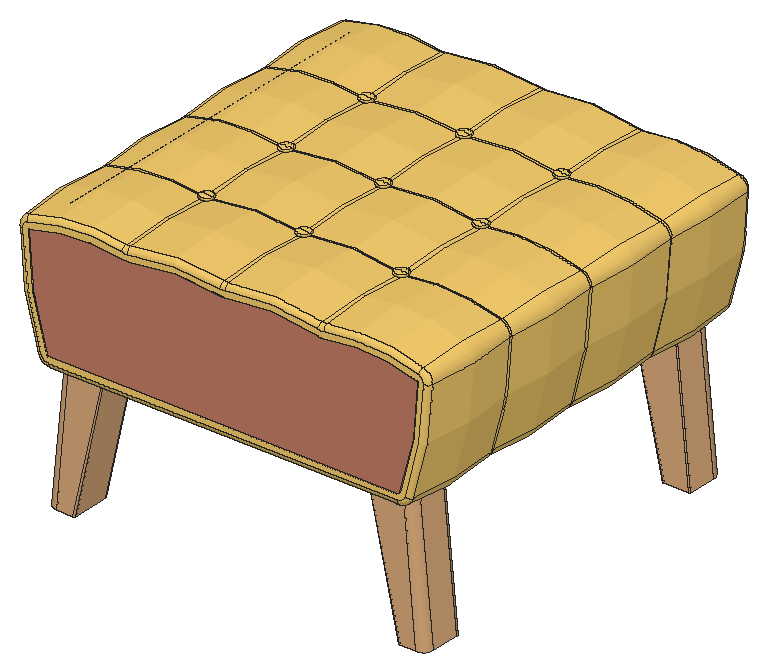
Revit family "Chair-GR7-Multi_Purpose-Allermuir-Grainger", category Furniture, Revit 2012
Parameters (values of type "GR 7")
  ecoScorecard_data = ""
  ecoScorecard Product Page = ""
  White Plastic Back Membrane = no
  Weight = 0.0 lbf
  URL = ""
  Swaged Tubular Steel Legs = ""
  Subcategory = "Soft Seating"
  Stacks = no
  Specifications URL = ""
  Seat = Fabric - Allermuir - Yellow
  Product Page URL = "http://www.allermuir.net/Products.aspx?RangeId=508"
  Product Line = "Grainger"
  Pricing URL = ""
  Plugin Data URL = ""
  Overall Width = 24 83/128"  # constant formula
  Overall Height = 16 9/16"  # constant formula
  Overall Depth = 23 25/32"  # constant formula
  Optional Feature Notes = ""
  Model = "GR 7"  # constant formula
  Manufacturer Toll Free Phone = "(888) 887 5806"  # constant formula
  Manufacturer Phone = "(419) 887 5806"  # constant formula
  Manufacturer Fax = "(419) 887 5805"  # constant formula
  Manufacturer Email = "mailto:contact@allermuir-na.com"
  Manufacturer Address = "1630 Holland Road, Maumee, Ohio 43537 "  # constant formula
  Manufacturer = "Allermuir"  # constant formula
  LEED Stats URL = ""
  Inner Seat = Fabric - Allermuir - Brown
  Fabric Spec Sheets = ""
  Description = "Small Ottoman"  # constant formula
  Color Availability = ""
  CAD Blocks URL = ""
  Brochure URL = ""
  Base or Frame [instance] = ""
  Base Type = ""
  Base = Wood - Allermuir -  Teak
  Assembly Code = "E2020200"
  95 CSI = "12510"  # constant formula
  04 CSI = "12 51 00"  # constant formula
Reference planes (in)
  plane 1 "Center Front/Back": y = 0
  plane 2: z = 0
  plane 3 "Center Left/Right": x = 0
  plane 4: z = 16.5625
  plane 5 "Left": x = -12.32422
  plane 6 "Right": x = 12.32422
  plane 7: y = 11.89063
  plane 8: y = -11.89063
Dimensions and locks (in)
  "Overall Height": plane 4 to level
  equal spacing: plane 5 "Left", plane 3 "Center Left/Right", plane 6 "Right"
  equal spacing: plane 7, plane 1 "Center Front/Back", plane 8
  "Overall Width": plane 5 "Left" to plane 6 "Right"
  "Overall Depth": plane 7 to plane 8
  aligned and locked: plane 1 "Center Front/Back" to nested 1
  aligned and locked: plane 3 "Center Left/Right" to nested 1
Nested families (in)
  nested 1: "GR7" at (0.04297, 0, 0), type "GR7"
Definition of nested family "GR7"
  Parameters (values of type "GR7")
    Width = 24 83/128"
    Seat = Fabric - Allermuir - Yellow
    Legs = Wood - Allermuir -  Teak
    Ineer Seat = Fabric - Allermuir - Brown
    Height = 16 9/16"
    Depth = 23 25/32"
  Reference planes (in)
    plane 1 "Center (Front/Back)": y = 0
    plane 2: z = 0
    plane 3 "Center (Left/Right)": x = 0
    plane 4: x = -12.32422
    plane 5: y = 11.89063
    plane 6: x = 12.32422
    plane 7: y = -11.89062
    plane 8: z = 16.5625
  Forms (in)
    Sweep 1, solid, material "Fabric - Allermuir - Yellow" <- "Seat"
      path origin (0, 0, 0) x (1, 0, 0) y (0, 0, 1)
        loop
          arc (-11.2152, 8.49523) -> (-10.85334, 8.01058) -> (-10.27827, 7.82319) r 1
          arc (-10.27827, 7.82319) -> (0.00064, 7.78395) -> (10.27954, 7.82605) r 1298.87312
          arc (10.27954, 7.82605) -> (10.85452, 8.01356) -> (11.21624, 8.49824) r 1
          arc (11.21624, 8.49824) -> (12.02924, 11.67623) -> (12.30261, 14.94516) r 19.66382
          arc (12.30261, 14.94516) -> (12.12712, 15.4798) -> (11.66896, 15.8065) r 0.90234
          arc (11.66896, 15.8065) -> (8.80557, 16.32947) -> (5.90055, 16.14688) r 11.98725
          arc (5.90055, 16.14688) -> (5.79824, 16.1385) -> (5.69637, 16.1512) r 0.5
          arc (5.69637, 16.1512) -> (2.8967, 16.50068) -> (0.0846, 16.27191) r 13.76308
          arc (0.0846, 16.27191) -> (-0.00593, 16.26348) -> (-0.09649, 16.27159) r 0.5
          arc (-0.09649, 16.27159) -> (-2.90794, 16.4979) -> (-5.70831, 16.16105) r 14.12389
          arc (-5.70831, 16.16105) -> (-5.80769, 16.14912) -> (-5.90746, 16.15723) r 0.5
          arc (-5.90746, 16.15723) -> (-8.81004, 16.33191) -> (-11.66968, 15.80468) r 12.02375
          arc (-11.66968, 15.80468) -> (-12.12738, 15.47767) -> (-12.30261, 14.94315) r 0.90277
          arc (-12.30261, 14.94315) -> (-12.02881, 11.67367) -> (-11.2152, 8.49523) r 19.66382
      profile origin (-12.02881, 0, 11.67367) x (-0.986076, 0, -0.166297) y (0, -1, 0)
        loop
          arc (-0.16149, -11.62102) -> (0.03883, -8.81358) -> (-0.13479, -6.00437) r 21.18421
          arc (-0.13479, -6.00437) -> (-0.13889, -5.94184) -> (-0.13514, -5.8793) r 0.5
          arc (-0.13514, -5.8793) -> (0.04453, -2.97596) -> (-0.12918, -0.07226) r 23.94484
          arc (-0.12918, -0.07226) -> (-0.13281, -0.01186) -> (-0.12911, 0.04853) r 0.5
          arc (-0.12911, 0.04853) -> (0.04329, 2.9353) -> (-0.14257, 5.82123) r 23.34349
          arc (-0.14257, 5.82123) -> (-0.14654, 5.88701) -> (-0.14183, 5.95275) r 0.5
          arc (-0.14183, 5.95275) -> (0.04903, 8.78869) -> (-0.15944, 11.6234) r 20.23197
          arc (-0.15944, 11.6234) -> (-0.26398, 11.81454) -> (-0.46812, 11.89062) r 0.3119
          line (-0.46812, 11.89062) -> (-0.81593, 11.89062) -> (-0.81593, -11.89063) -> (-0.47103, -11.89063)
          arc (-0.47103, -11.89063) -> (-0.26579, -11.81378) -> (-0.16149, -11.62102) r 0.3125
    Extrusion 2, solid, material "Fabric - Allermuir - Brown" <- "Ineer Seat"
      sketch origin (0, 0, 0) x (1, 0, 0) y (0, 0, 1)
        loop
          arc (-10.44439, 8.7628) -> (-10.37778, 8.67359) -> (-10.27193, 8.6391) r 0.18407
          arc (-10.27193, 8.6391) -> (0.00053, 8.59988) -> (10.27297, 8.64196) r 1298.05719
          arc (10.27297, 8.64196) -> (10.37881, 8.67647) -> (10.44539, 8.76568) r 0.18407
          arc (10.44539, 8.76568) -> (11.22465, 11.81181) -> (11.48668, 14.9451) r 18.84789
          arc (11.48668, 14.9451) -> (11.46987, 14.9963) -> (11.426, 15.02758) r 0.08641
          arc (11.426, 15.02758) -> (8.75751, 15.51496) -> (6.05022, 15.34479) r 11.17132
          arc (6.05022, 15.34479) -> (5.78095, 15.32275) -> (5.51285, 15.35618) r 1.31593
          arc (5.51285, 15.35618) -> (2.87916, 15.68493) -> (0.23377, 15.46973) r 12.94715
          arc (0.23377, 15.46973) -> (-0.00449, 15.44755) -> (-0.24284, 15.46889) r 1.31593
          arc (-0.24284, 15.46889) -> (-2.89188, 15.68212) -> (-5.53046, 15.36474) r 13.30795
          arc (-5.53046, 15.36474) -> (-5.79203, 15.33334) -> (-6.0546, 15.35467) r 1.31593
          arc (-6.0546, 15.35467) -> (-8.76021, 15.5175) -> (-11.4258, 15.02604) r 11.20782
          arc (-11.4258, 15.02604) -> (-11.46982, 14.99459) -> (-11.48668, 14.94318) r 0.08684
          arc (-11.48668, 14.94318) -> (-11.22423, 11.80936) -> (-10.44439, 8.7628) r 18.84789
      from -11.89062 to 11.89062
    Blend 3, solid, material "Wood - Allermuir -  Teak" <- "Legs"
      base sketch origin (0, 0, 0) x (1, 0, 0) y (0, 1, 0)
        loop
          arc (-11.20107, -10.33382) -> (-11.03014, -10.74647) -> (-10.61749, -10.91739) r 0.58357
          line (-10.61749, -10.91739) -> (-9.64177, -10.91739)
          arc (-9.64177, -10.91739) -> (-9.58495, -10.89386) -> (-9.56142, -10.83704) r 0.08035
          line (-9.56142, -10.83704) -> (-9.56142, -8.63538)
          arc (-9.56142, -8.63538) -> (-9.58421, -8.58036) -> (-9.63922, -8.55757) r 0.0778
          line (-9.63922, -8.55757) -> (-11.12274, -8.55757)
          arc (-11.12274, -8.55757) -> (-11.17812, -8.58052) -> (-11.20107, -8.6359) r 0.07833
          line (-11.20107, -8.6359) -> (-11.20107, -10.33382)
      top sketch origin (0, 0, 0) x (1, 0, 0) y (0, 1, 0)
        loop
          line (-7.82454, -10.83872) -> (-7.82454, -8.6344)
          arc (-7.82454, -8.6344) -> (-7.84705, -8.58008) -> (-7.90137, -8.55757) r 0.07682
          line (-7.90137, -8.55757) -> (-10.3639, -8.55757)
          arc (-10.3639, -8.55757) -> (-10.41922, -8.58049) -> (-10.44213, -8.63581) r 0.07824
          line (-10.44213, -8.63581) -> (-10.44213, -10.34382)
          arc (-10.44213, -10.34382) -> (-10.27414, -10.7494) -> (-9.86856, -10.91739) r 0.57358
          line (-9.86856, -10.91739) -> (-7.90321, -10.91739)
          arc (-7.90321, -10.91739) -> (-7.84759, -10.89435) -> (-7.82454, -10.83872) r 0.07867
      from 0 to 7.76426
    Blend 4, solid, material "Wood - Allermuir -  Teak" <- "Legs"
      base sketch origin (0, 0, 0) x (-1, 0, 0) y (0, -1, 0)
        loop
          line (-11.20107, 10.33382) -> (-11.20107, 8.6359)
          arc (-11.20107, 8.6359) -> (-11.17812, 8.58052) -> (-11.12274, 8.55757) r 0.07833
          line (-11.12274, 8.55757) -> (-9.63922, 8.55757)
          arc (-9.63922, 8.55757) -> (-9.58421, 8.58036) -> (-9.56142, 8.63538) r 0.0778
          line (-9.56142, 8.63538) -> (-9.56142, 10.83704)
          arc (-9.56142, 10.83704) -> (-9.58495, 10.89386) -> (-9.64177, 10.91739) r 0.08035
          line (-9.64177, 10.91739) -> (-10.61749, 10.91739)
          arc (-10.61749, 10.91739) -> (-11.03014, 10.74647) -> (-11.20107, 10.33382) r 0.58357
      top sketch origin (0, 0, 0) x (-1, 0, 0) y (0, -1, 0)
        loop
          arc (-7.82454, 10.83872) -> (-7.84759, 10.89435) -> (-7.90321, 10.91739) r 0.07867
          line (-7.90321, 10.91739) -> (-9.86856, 10.91739)
          arc (-9.86856, 10.91739) -> (-10.27414, 10.7494) -> (-10.44213, 10.34382) r 0.57358
          line (-10.44213, 10.34382) -> (-10.44213, 8.63581)
          arc (-10.44213, 8.63581) -> (-10.41922, 8.58049) -> (-10.3639, 8.55757) r 0.07824
          line (-10.3639, 8.55757) -> (-7.90137, 8.55757)
          arc (-7.90137, 8.55757) -> (-7.84705, 8.58008) -> (-7.82454, 8.6344) r 0.07682
          line (-7.82454, 8.6344) -> (-7.82454, 10.83872)
      from 0 to 7.76426
    Blend 5, solid, material "Wood - Allermuir -  Teak" <- "Legs"
      base sketch origin (0, 0, 0) x (1, 0, 0) y (0, 1, 0)
        loop
          line (-11.20107, 10.33382) -> (-11.20107, 8.6359)
          arc (-11.20107, 8.6359) -> (-11.17812, 8.58052) -> (-11.12274, 8.55757) r 0.07833
          line (-11.12274, 8.55757) -> (-9.63922, 8.55757)
          arc (-9.63922, 8.55757) -> (-9.58421, 8.58036) -> (-9.56142, 8.63538) r 0.0778
          line (-9.56142, 8.63538) -> (-9.56142, 10.83704)
          arc (-9.56142, 10.83704) -> (-9.58495, 10.89386) -> (-9.64177, 10.91739) r 0.08035
          line (-9.64177, 10.91739) -> (-10.61749, 10.91739)
          arc (-10.61749, 10.91739) -> (-11.03014, 10.74647) -> (-11.20107, 10.33382) r 0.58357
      top sketch origin (0, 0, 0) x (1, 0, 0) y (0, 1, 0)
        loop
          arc (-7.82454, 10.83872) -> (-7.84759, 10.89435) -> (-7.90321, 10.91739) r 0.07867
          line (-7.90321, 10.91739) -> (-9.86856, 10.91739)
          arc (-9.86856, 10.91739) -> (-10.27414, 10.7494) -> (-10.44213, 10.34382) r 0.57358
          line (-10.44213, 10.34382) -> (-10.44213, 8.63581)
          arc (-10.44213, 8.63581) -> (-10.41922, 8.58049) -> (-10.3639, 8.55757) r 0.07824
          line (-10.3639, 8.55757) -> (-7.90137, 8.55757)
          arc (-7.90137, 8.55757) -> (-7.84705, 8.58008) -> (-7.82454, 8.6344) r 0.07682
          line (-7.82454, 8.6344) -> (-7.82454, 10.83872)
      from 0 to 7.76426
    Blend 6, solid, material "Wood - Allermuir -  Teak" <- "Legs"
      base sketch origin (0, 0, 0) x (-1, 0, 0) y (0, -1, 0)
        loop
          arc (-11.20107, -10.33382) -> (-11.03014, -10.74647) -> (-10.61749, -10.91739) r 0.58357
          line (-10.61749, -10.91739) -> (-9.64177, -10.91739)
          arc (-9.64177, -10.91739) -> (-9.58495, -10.89386) -> (-9.56142, -10.83704) r 0.08035
          line (-9.56142, -10.83704) -> (-9.56142, -8.63538)
          arc (-9.56142, -8.63538) -> (-9.58421, -8.58036) -> (-9.63922, -8.55757) r 0.0778
          line (-9.63922, -8.55757) -> (-11.12274, -8.55757)
          arc (-11.12274, -8.55757) -> (-11.17812, -8.58052) -> (-11.20107, -8.6359) r 0.07833
          line (-11.20107, -8.6359) -> (-11.20107, -10.33382)
      top sketch origin (0, 0, 0) x (-1, 0, 0) y (0, -1, 0)
        loop
          line (-7.82454, -10.83872) -> (-7.82454, -8.6344)
          arc (-7.82454, -8.6344) -> (-7.84705, -8.58008) -> (-7.90137, -8.55757) r 0.07682
          line (-7.90137, -8.55757) -> (-10.3639, -8.55757)
          arc (-10.3639, -8.55757) -> (-10.41922, -8.58049) -> (-10.44213, -8.63581) r 0.07824
          line (-10.44213, -8.63581) -> (-10.44213, -10.34382)
          arc (-10.44213, -10.34382) -> (-10.27414, -10.7494) -> (-9.86856, -10.91739) r 0.57358
          line (-9.86856, -10.91739) -> (-7.90321, -10.91739)
          arc (-7.90321, -10.91739) -> (-7.84759, -10.89435) -> (-7.82454, -10.83872) r 0.07867
      from 0 to 7.76426
    Revolve 7, solid, material "Fabric - Allermuir - Yellow" <- "Seat"
      sketch origin (0, 0, 0.50372) x (1, 0, 0) y (0, 0, 1)
        loop
          arc (-5.78975, 15.68563) -> (-5.9739, 15.67746) -> (-6.15606, 15.6493) r 1.69175
          arc (-6.15606, 15.6493) -> (-6.19237, 15.60427) -> (-6.15554, 15.55966) r 0.04575
          arc (-6.15554, 15.55966) -> (-6.05823, 15.54299) -> (-5.96016, 15.53154) r 1.84878
          arc (-5.96016, 15.53154) -> (-5.91609, 15.51498) -> (-5.88679, 15.47811) r 0.08828
          line (-5.88679, 15.47811) -> (-5.78975, 15.24949) -> (-5.78975, 15.68563)
        axis (-5.78975, 15.68563) -> (-5.78975, 15.24949)
      angle from 0 to 360
    Revolve 8, solid, material "Fabric - Allermuir - Yellow" <- "Seat"
      sketch origin (0, 5.94839, 0.50372) x (1, 0, 0) y (0, 0, 1)
        loop
          arc (-5.78975, 15.68563) -> (-5.9739, 15.67746) -> (-6.15606, 15.6493) r 1.69175
          arc (-6.15606, 15.6493) -> (-6.19237, 15.60427) -> (-6.15554, 15.55966) r 0.04575
          arc (-6.15554, 15.55966) -> (-6.05823, 15.54299) -> (-5.96016, 15.53154) r 1.84878
          arc (-5.96016, 15.53154) -> (-5.91609, 15.51498) -> (-5.88679, 15.47811) r 0.08828
          line (-5.88679, 15.47811) -> (-5.78975, 15.24949) -> (-5.78975, 15.68563)
        axis (-5.78975, 15.68563) -> (-5.78975, 15.24949)
      angle from 0 to 360
    Revolve 9, solid, material "Fabric - Allermuir - Yellow" <- "Seat"
      sketch origin (5.74967, 5.9562, 0.6209) x (1, 0, 0) y (0, 0, 1)
        loop
          arc (-5.78975, 15.68563) -> (-5.9739, 15.67746) -> (-6.15606, 15.6493) r 1.69175
          arc (-6.15606, 15.6493) -> (-6.19237, 15.60427) -> (-6.15554, 15.55966) r 0.04575
          arc (-6.15554, 15.55966) -> (-6.05823, 15.54299) -> (-5.96016, 15.53154) r 1.84878
          arc (-5.96016, 15.53154) -> (-5.91609, 15.51498) -> (-5.88679, 15.47811) r 0.08828
          line (-5.88679, 15.47811) -> (-5.78975, 15.24949) -> (-5.78975, 15.68563)
        axis (-5.78975, 15.68563) -> (-5.78975, 15.24949)
      angle from 0 to 360
    Revolve 10, solid, material "Fabric - Allermuir - Yellow" <- "Seat"
      sketch origin (11.49933, 5.9562, 0.50372) x (1, 0, 0) y (0, 0, 1)
        loop
          arc (-5.78975, 15.68563) -> (-5.9739, 15.67746) -> (-6.15606, 15.6493) r 1.69175
          arc (-6.15606, 15.6493) -> (-6.19237, 15.60427) -> (-6.15554, 15.55966) r 0.04575
          arc (-6.15554, 15.55966) -> (-6.05823, 15.54299) -> (-5.96016, 15.53154) r 1.84878
          arc (-5.96016, 15.53154) -> (-5.91609, 15.51498) -> (-5.88679, 15.47811) r 0.08828
          line (-5.88679, 15.47811) -> (-5.78975, 15.24949) -> (-5.78975, 15.68563)
        axis (-5.78975, 15.68563) -> (-5.78975, 15.24949)
      angle from 0 to 360
    Revolve 11, solid, material "Fabric - Allermuir - Yellow" <- "Seat"
      sketch origin (5.74702, -0.00803, 0.6209) x (1, 0, 0) y (0, 0, 1)
        loop
          arc (-5.78975, 15.68563) -> (-5.9739, 15.67746) -> (-6.15606, 15.6493) r 1.69175
          arc (-6.15606, 15.6493) -> (-6.19237, 15.60427) -> (-6.15554, 15.55966) r 0.04575
          arc (-6.15554, 15.55966) -> (-6.05823, 15.54299) -> (-5.96016, 15.53154) r 1.84878
          arc (-5.96016, 15.53154) -> (-5.91609, 15.51498) -> (-5.88679, 15.47811) r 0.08828
          line (-5.88679, 15.47811) -> (-5.78975, 15.24949) -> (-5.78975, 15.68563)
        axis (-5.78975, 15.68563) -> (-5.78975, 15.24949)
      angle from 0 to 360
    Revolve 12, solid, material "Fabric - Allermuir - Yellow" <- "Seat"
      sketch origin (11.49808, -0.00803, 0.50372) x (1, 0, 0) y (0, 0, 1)
        loop
          arc (-5.78975, 15.68563) -> (-5.9739, 15.67746) -> (-6.15606, 15.6493) r 1.69175
          arc (-6.15606, 15.6493) -> (-6.19237, 15.60427) -> (-6.15554, 15.55966) r 0.04575
          arc (-6.15554, 15.55966) -> (-6.05823, 15.54299) -> (-5.96016, 15.53154) r 1.84878
          arc (-5.96016, 15.53154) -> (-5.91609, 15.51498) -> (-5.88679, 15.47811) r 0.08828
          line (-5.88679, 15.47811) -> (-5.78975, 15.24949) -> (-5.78975, 15.68563)
        axis (-5.78975, 15.68563) -> (-5.78975, 15.24949)
      angle from 0 to 360
    Revolve 13, solid, material "Fabric - Allermuir - Yellow" <- "Seat"
      sketch origin (11.50198, -5.8822, 0.50372) x (1, 0, 0) y (0, 0, 1)
        loop
          arc (-5.78975, 15.68563) -> (-5.9739, 15.67746) -> (-6.15606, 15.6493) r 1.69175
          arc (-6.15606, 15.6493) -> (-6.19237, 15.60427) -> (-6.15554, 15.55966) r 0.04575
          arc (-6.15554, 15.55966) -> (-6.05823, 15.54299) -> (-5.96016, 15.53154) r 1.84878
          arc (-5.96016, 15.53154) -> (-5.91609, 15.51498) -> (-5.88679, 15.47811) r 0.08828
          line (-5.88679, 15.47811) -> (-5.78975, 15.24949) -> (-5.78975, 15.68563)
        axis (-5.78975, 15.68563) -> (-5.78975, 15.24949)
      angle from 0 to 360
    Revolve 14, solid, material "Fabric - Allermuir - Yellow" <- "Seat"
      sketch origin (5.74552, -5.8822, 0.6209) x (1, 0, 0) y (0, 0, 1)
        loop
          arc (-5.78975, 15.68563) -> (-5.9739, 15.67746) -> (-6.15606, 15.6493) r 1.69175
          arc (-6.15606, 15.6493) -> (-6.19237, 15.60427) -> (-6.15554, 15.55966) r 0.04575
          arc (-6.15554, 15.55966) -> (-6.05823, 15.54299) -> (-5.96016, 15.53154) r 1.84878
          arc (-5.96016, 15.53154) -> (-5.91609, 15.51498) -> (-5.88679, 15.47811) r 0.08828
          line (-5.88679, 15.47811) -> (-5.78975, 15.24949) -> (-5.78975, 15.68563)
        axis (-5.78975, 15.68563) -> (-5.78975, 15.24949)
      angle from 0 to 360
    Revolve 15, solid, material "Fabric - Allermuir - Yellow" <- "Seat"
      sketch origin (-0.00448, -5.87438, 0.50372) x (1, 0, 0) y (0, 0, 1)
        loop
          arc (-5.78975, 15.68563) -> (-5.9739, 15.67746) -> (-6.15606, 15.6493) r 1.69175
          arc (-6.15606, 15.6493) -> (-6.19237, 15.60427) -> (-6.15554, 15.55966) r 0.04575
          arc (-6.15554, 15.55966) -> (-6.05823, 15.54299) -> (-5.96016, 15.53154) r 1.84878
          arc (-5.96016, 15.53154) -> (-5.91609, 15.51498) -> (-5.88679, 15.47811) r 0.08828
          line (-5.88679, 15.47811) -> (-5.78975, 15.24949) -> (-5.78975, 15.68563)
        axis (-5.78975, 15.68563) -> (-5.78975, 15.24949)
      angle from 0 to 360
  Cuts and joins
    joined: Blend 3, Blend 4, Blend 5, Blend 6
  Lines and regions (in)
    symbolic lines, style "Table"
      curve 1: arc (-12.16486, 5.94438, 0) -> (-12.34181, 8.78029, 0) -> (-12.14456, 11.61486, 0) r 21.57615
      curve 2: arc (-12.16486, 5.94438, 0) -> (-12.34741, 2.97269, 0) -> (-12.17059, 0.00065, 0) r 24.66647
      curve 3: arc (-12.17059, 0.00065, 0) -> (-12.34469, -2.94019, 0) -> (-12.15647, -5.88016, 0) r 23.95285
      curve 4: arc (-12.15647, -5.88016, 0) -> (-12.34917, -8.74851, 0) -> (-12.14076, -11.61576, 0) r 20.60377
      curve 5: line (11.82369, -11.89062, 0) -> (-11.82369, -11.89062, 0)
      curve 6: line (11.82736, 11.89062, 0) -> (-11.82869, 11.89062, 0)
      curve 7: arc (-12.14456, 11.61486, 0) -> (-12.03834, 11.81198, 0) -> (-11.82869, 11.89062, 0) r 0.31879
      curve 8: arc (-11.82369, -11.89062, 0) -> (-12.0335, -11.81234, 0) -> (-12.14076, -11.61576, 0) r 0.32031
      curve 9: arc (12.16486, 5.94438, 0) -> (12.34181, 8.77961, 0) -> (12.14474, 11.61352, 0) r 21.57615
      curve 10: arc (12.16486, 5.94438, 0) -> (12.34741, 2.97269, 0) -> (12.17059, 0.00065, 0) r 24.66647
      curve 11: arc (12.17059, 0.00065, 0) -> (12.34469, -2.94019, 0) -> (12.15647, -5.88016, 0) r 23.95285
      curve 12: arc (12.15647, -5.88016, 0) -> (12.34917, -8.74851, 0) -> (12.14076, -11.61576, 0) r 20.60377
      curve 13: arc (12.14076, -11.61576, 0) -> (12.0335, -11.81234, 0) -> (11.82369, -11.89062, 0) r 0.32031
      curve 14: arc (11.82736, 11.89062, 0) -> (12.03802, 11.8116, 0) -> (12.14474, 11.61352, 0) r 0.32031
      curve 15: circle (-5.79011, 5.94723, 0) r 0.40272 normal (0, 0, 1)
      curve 16: circle (-0.04297, 5.95504, 0) r 0.40272 normal (0, 0, 1)
      curve 17: circle (5.70703, 5.95504, 0) r 0.40272 normal (0, 0, 1)
      curve 18: circle (-5.79011, -5.87692, 0) r 0.40272 normal (0, 0, -1)
      curve 19: circle (-0.04297, -5.88473, 0) r 0.40272 normal (0, 0, -1)
      curve 20: circle (5.70703, -5.88473, 0) r 0.40272 normal (0, 0, -1)
      curve 21: circle (-5.79011, 0, 0) r 0.40272 normal (0, 0, -1)
      curve 22: circle (-0.04297, -0.00781, 0) r 0.40272 normal (0, 0, -1)
      curve 23: circle (5.70703, -0.00781, 0) r 0.40272 normal (0, 0, -1)
      curve 24: line (-6.19283, -5.87692, 0) -> (-12.15688, -5.87692, 0)
      curve 25: line (-6.19283, 0, 0) -> (-12.17063, 0, 0)
      curve 26: line (-6.19283, 5.94723, 0) -> (-12.16523, 5.94723, 0)
      curve 27: line (-5.38739, 5.94723, 0) -> (-0.44561, 5.94723, 0)
      curve 28: line (0.35975, 5.95504, 0) -> (5.30431, 5.95504, 0)
      curve 29: line (-5.38739, 0, 0) -> (-0.44561, 0, 0)
      curve 30: line (0.35975, -0.00781, 0) -> (5.30431, -0.00781, 0)
      curve 31: line (-5.38739, -5.87692, 0) -> (-0.44561, -5.87692, 0)
      curve 32: line (0.35975, -5.88473, 0) -> (5.30431, -5.88473, 0)
      curve 33: line (-5.79011, 6.34995, 0) -> (-5.79011, 11.89062, 0)
      curve 34: line (-5.79011, 5.54451, 0) -> (-5.79011, 0.40272, 0)
      curve 35: line (-5.79011, -0.40272, 0) -> (-5.79011, -5.4742, 0)
      curve 36: line (-5.79011, -6.27964, 0) -> (-5.79011, -11.89062, 0)
      curve 37: line (-0.04297, 6.35776, 0) -> (-0.04297, 11.89062, 0)
      curve 38: line (-0.04297, 5.55232, 0) -> (-0.04297, 0.39491, 0)
      curve 39: line (-0.04297, -0.41053, 0) -> (-0.04297, -5.48201, 0)
      curve 40: line (-0.04297, -6.28745, 0) -> (-0.04297, -11.89062, 0)
      curve 41: line (5.70703, 6.35776, 0) -> (5.70703, 11.89062, 0)
      curve 42: line (5.70703, 5.55232, 0) -> (5.70703, 0.39491, 0)
      curve 43: line (5.70703, -0.41053, 0) -> (5.70703, -5.48201, 0)
      curve 44: line (5.70703, -6.28745, 0) -> (5.70703, -11.89062, 0)
      curve 45: line (6.10975, -5.88473, 0) -> (12.1571, -5.88473, 0)
      curve 46: line (6.10975, -0.00781, 0) -> (12.17161, -0.00781, 0)
      curve 47: line (6.10975, 5.95504, 0) -> (12.16623, 5.95504, 0)
  Dimensions and locks (in)
    equal spacing: plane 4, plane 3 "Center (Left/Right)", plane 6
    "Width": plane 4 to plane 6
    equal spacing: plane 5, plane 1 "Center (Front/Back)", plane 7
    "Depth": plane 5 to plane 7
    "Height": plane 8 to level
    aligned and locked: level to plane 2
    aligned and locked: Extrusion 2 sketch curve to Sweep 1  (x14)
    aligned and locked: plane 5 to Extrusion 2
    aligned and locked: plane 7 to Extrusion 2
    aligned and locked: Sweep 1 sketch curve to plane 5
    aligned and locked: plane 7 to Sweep 1 sketch curve
  Automatic sketch dimensions
    plane 4 to Sweep 1 sketch curve = 0.02161"
    Sweep 1 sketch curve to Sweep 1 sketch curve = 0"  (x20)
    plane 4 to Sweep 1 sketch curve = 0.65454"
    Sweep 1 sketch curve to Sweep 1 sketch curve = 0.26984"
    plane 4 to Sweep 1 sketch curve = 1.10902"
    Sweep 1 sketch curve to Sweep 1 sketch curve = 0.93693"
    Sweep 1 sketch curve to Sweep 1 sketch curve = 0.9447"
    plane 8 to Sweep 1 sketch curve = 0.08653"
    Sweep 1 sketch curve to Sweep 1 sketch curve = 0.09017"
    Sweep 1 sketch curve to Sweep 1 sketch curve = 0.19915"
    level to Sweep 1 sketch curve = 2.37675"
    Sweep 1 sketch curve to plane 3 "Center (Left/Right)" = 0.18001"
    Sweep 1 sketch curve to plane 3 "Center (Left/Right)" = 0.09649"
    Sweep 1 sketch curve to plane 3 "Center (Left/Right)" = 0.00681"
    Sweep 1 sketch curve to Sweep 1 sketch curve = 0.18109"
    plane 3 "Center (Left/Right)" to Sweep 1 sketch curve = 2.60074"
    Sweep 1 sketch curve to plane 8 = 0.4113"
    Sweep 1 sketch curve to Sweep 1 sketch curve = 5.61177"
    plane 8 to Sweep 1 sketch curve = 0.07589"
    Sweep 1 sketch curve to Sweep 1 sketch curve = 0.20418"
    Sweep 1 sketch curve to plane 8 = 1.61879"  (x2)
    Sweep 1 sketch curve to Sweep 1 sketch curve = 1.46066"
    plane 6 to Sweep 1 sketch curve = 4.22474"
    plane 6 to Sweep 1 sketch curve = 2.05273"
    Sweep 1 sketch curve to Sweep 1 sketch curve = 0.00805"
    Sweep 1 sketch curve to Sweep 1 sketch curve = 0.94475"
    plane 6 to Sweep 1 sketch curve = 0.92395"
    plane 6 to Sweep 1 sketch curve = 0.65526"
    Sweep 1 sketch curve to plane 1 "Center (Front/Back)" = 2.95137"
    profile plane to Sweep 1 sketch curve = 23.9003"
    plane 1 "Center (Front/Back)" to Sweep 1 sketch curve = 2.88089"
    Sweep 1 sketch curve to Sweep 1 sketch curve = 0.60017"
    Sweep 1 sketch curve to Sweep 1 sketch curve = 2.75517"
    Sweep 1 sketch curve to Sweep 1 sketch curve = 3.11728"
    profile plane to Sweep 1 sketch curve = 0.81593"
    Sweep 1 sketch curve to Sweep 1 sketch curve = 0.3449"
    Sweep 1 sketch curve to Sweep 1 sketch curve = 0.34782"
    profile plane to Sweep 1 sketch curve = 0.16149"
    profile plane to Sweep 1 sketch curve = 0.15944"
    profile plane to Sweep 1 sketch curve = 0.14257"
    Sweep 1 sketch curve to Sweep 1 sketch curve = 0.00074"
    profile plane to Sweep 1 sketch curve = 0.13514"
    Sweep 1 sketch curve to Sweep 1 sketch curve = 0.00035"
    Sweep 1 sketch curve to plane 1 "Center (Front/Back)" = 0.07226"
    profile plane to Sweep 1 sketch curve = 0.12918"
    plane 1 "Center (Front/Back)" to Sweep 1 sketch curve = 0.04853"
    Revolve 7 sketch curve to Revolve 7 sketch curve = 0"  (x5)
    Revolve 7 sketch curve to Revolve 7 sketch curve = 0.00944"
    Revolve 7 sketch curve to Revolve 7 sketch curve = 3/16"
    Revolve 7 sketch curve to Revolve 7 sketch curve = 0.00789"
    Revolve 7 sketch curve to Revolve 7 sketch curve = 0.08126"
    Revolve 7 sketch curve to Revolve 7 sketch curve = 0.09705"
    Revolve 7 sketch curve to plane 8 = 2.06482"
    Revolve 7 sketch curve to plane 8 = 0.8093"
    Revolve 7 sketch curve to Revolve 7 sketch curve = 0.19413"
    Revolve 7 sketch curve to Revolve 7 sketch curve = 0.0693"
    Revolve 8 sketch curve to Revolve 8 sketch curve = 0"  (x5)
    Revolve 8 sketch curve to Revolve 8 sketch curve = 0.00944"
    Revolve 8 sketch curve to Revolve 8 sketch curve = 3/16"
    Revolve 8 sketch curve to Revolve 8 sketch curve = 0.00789"
    Revolve 8 sketch curve to Revolve 8 sketch curve = 0.08126"
    Revolve 8 sketch curve to Revolve 8 sketch curve = 0.09705"
    Revolve 8 sketch curve to plane 8 = 2.06482"
    Revolve 8 sketch curve to plane 8 = 0.8093"
    Revolve 8 sketch curve to Revolve 8 sketch curve = 0.19413"
    Revolve 8 sketch curve to Revolve 8 sketch curve = 0.0693"
    Revolve 9 sketch curve to plane 3 "Center (Left/Right)" = 0.40639"
    Revolve 9 sketch curve to Revolve 9 sketch curve = 0"  (x5)
    Revolve 9 sketch curve to Revolve 9 sketch curve = 0.00052"
    Revolve 9 sketch curve to Revolve 9 sketch curve = 0.00944"
    Revolve 9 sketch curve to plane 3 "Center (Left/Right)" = 0.21839"
    Revolve 9 sketch curve to Revolve 9 sketch curve = 0.00789"
    Revolve 9 sketch curve to Revolve 9 sketch curve = 0.08126"
    Revolve 9 sketch curve to plane 3 "Center (Left/Right)" = 0.05728"
    Revolve 9 sketch curve to plane 3 "Center (Left/Right)" = 0.04522"
    Revolve 9 sketch curve to plane 3 "Center (Left/Right)" = 0.04008"
    Revolve 9 sketch curve to plane 8 = 1.94763"
    Revolve 9 sketch curve to plane 8 = 0.69211"
    Revolve 9 sketch curve to Revolve 9 sketch curve = 0.19413"
    Revolve 9 sketch curve to Revolve 9 sketch curve = 0.0693"
    Revolve 10 sketch curve to plane 8 = 0.40948"
    plane 3 "Center (Left/Right)" to Revolve 10 sketch curve = 5.34327"
    Revolve 10 sketch curve to Revolve 10 sketch curve = 0"  (x5)
    Revolve 10 sketch curve to Revolve 10 sketch curve = 0.00052"
    Revolve 10 sketch curve to Revolve 10 sketch curve = 0.00893"
    Revolve 10 sketch curve to Revolve 10 sketch curve = 3/16"
    Revolve 10 sketch curve to Revolve 10 sketch curve = 0.00789"
    Revolve 10 sketch curve to plane 8 = 0.58067"
    Revolve 10 sketch curve to Revolve 10 sketch curve = 0.08126"
    Revolve 10 sketch curve to Revolve 10 sketch curve = 0.16111"
    plane 8 to Revolve 10 sketch curve = 1.31413"
    Revolve 10 sketch curve to Revolve 10 sketch curve = 0.09705"
    Revolve 10 sketch curve to Revolve 10 sketch curve = 0.22863"
    Revolve 10 sketch curve to Revolve 10 sketch curve = 0.0693"
    Revolve 11 sketch curve to plane 3 "Center (Left/Right)" = 0.40904"
    Revolve 11 sketch curve to Revolve 11 sketch curve = 0"  (x5)
    Revolve 11 sketch curve to Revolve 11 sketch curve = 0.00052"
    Revolve 11 sketch curve to Revolve 11 sketch curve = 0.00893"
    Revolve 11 sketch curve to plane 3 "Center (Left/Right)" = 0.22103"
    Revolve 11 sketch curve to Revolve 11 sketch curve = 0.00789"
    Revolve 11 sketch curve to Revolve 11 sketch curve = 0.08126"
    Revolve 11 sketch curve to plane 3 "Center (Left/Right)" = 0.05992"
    Revolve 11 sketch curve to plane 3 "Center (Left/Right)" = 0.04787"
    Revolve 11 sketch curve to plane 3 "Center (Left/Right)" = 0.04273"
    Revolve 11 sketch curve to plane 8 = 1.94763"
    Revolve 11 sketch curve to plane 8 = 0.69211"
    Revolve 11 sketch curve to Revolve 11 sketch curve = 0.19413"
    Revolve 11 sketch curve to Revolve 11 sketch curve = 0.0693"
    Revolve 12 sketch curve to plane 8 = 0.40948"
    plane 3 "Center (Left/Right)" to Revolve 12 sketch curve = 5.34201"
    Revolve 12 sketch curve to Revolve 12 sketch curve = 0"  (x5)
    Revolve 12 sketch curve to Revolve 12 sketch curve = 0.00052"
    Revolve 12 sketch curve to Revolve 12 sketch curve = 0.00893"
    Revolve 12 sketch curve to Revolve 12 sketch curve = 3/16"
    Revolve 12 sketch curve to Revolve 12 sketch curve = 0.00789"
    Revolve 12 sketch curve to plane 8 = 0.58067"
    Revolve 12 sketch curve to Revolve 12 sketch curve = 0.08126"
    Revolve 12 sketch curve to Revolve 12 sketch curve = 0.16111"
    plane 8 to Revolve 12 sketch curve = 1.31413"
    Revolve 12 sketch curve to Revolve 12 sketch curve = 0.09705"
    Revolve 12 sketch curve to Revolve 12 sketch curve = 0.22863"
    Revolve 12 sketch curve to Revolve 12 sketch curve = 0.0693"
    Revolve 13 sketch curve to plane 8 = 0.40948"
    plane 3 "Center (Left/Right)" to Revolve 13 sketch curve = 5.34592"
    Revolve 13 sketch curve to Revolve 13 sketch curve = 0"  (x5)
    Revolve 13 sketch curve to Revolve 13 sketch curve = 0.00052"
    Revolve 13 sketch curve to Revolve 13 sketch curve = 0.00893"
    Revolve 13 sketch curve to Revolve 13 sketch curve = 3/16"
    Revolve 13 sketch curve to Revolve 13 sketch curve = 0.00789"
    Revolve 13 sketch curve to plane 8 = 0.58067"
    Revolve 13 sketch curve to Revolve 13 sketch curve = 0.08126"
    Revolve 13 sketch curve to Revolve 13 sketch curve = 0.16111"
    plane 8 to Revolve 13 sketch curve = 1.31413"
    Revolve 13 sketch curve to Revolve 13 sketch curve = 0.09705"
    Revolve 13 sketch curve to Revolve 13 sketch curve = 0.22863"
    Revolve 13 sketch curve to Revolve 13 sketch curve = 0.0693"
    Revolve 14 sketch curve to plane 3 "Center (Left/Right)" = 0.41054"
    Revolve 14 sketch curve to Revolve 14 sketch curve = 0"  (x5)
    Revolve 14 sketch curve to Revolve 14 sketch curve = 0.00052"
    Revolve 14 sketch curve to Revolve 14 sketch curve = 0.00893"
    Revolve 14 sketch curve to plane 3 "Center (Left/Right)" = 0.22253"
    Revolve 14 sketch curve to Revolve 14 sketch curve = 0.00789"
    Revolve 14 sketch curve to Revolve 14 sketch curve = 0.08126"
    Revolve 14 sketch curve to plane 3 "Center (Left/Right)" = 0.06142"
    Revolve 14 sketch curve to plane 3 "Center (Left/Right)" = 0.04937"
    Revolve 14 sketch curve to plane 3 "Center (Left/Right)" = 0.04423"
    Revolve 14 sketch curve to plane 8 = 1.94763"
    Revolve 14 sketch curve to plane 8 = 0.69211"
    Revolve 14 sketch curve to Revolve 14 sketch curve = 0.19413"
    Revolve 14 sketch curve to Revolve 14 sketch curve = 0.0693"
    Revolve 15 sketch curve to Revolve 15 sketch curve = 0"  (x5)
    Revolve 15 sketch curve to Revolve 15 sketch curve = 0.00052"
    Revolve 15 sketch curve to Revolve 15 sketch curve = 0.00893"
    Revolve 15 sketch curve to Revolve 15 sketch curve = 0.08126"
    Revolve 15 sketch curve to plane 8 = 2.06482"
    Revolve 15 sketch curve to plane 8 = 0.8093"
    Revolve 15 sketch curve to Revolve 15 sketch curve = 0.19413"
    Revolve 15 sketch curve to Revolve 15 sketch curve = 0.0693"
    Sweep 1 sketch curve to Sweep 1 sketch curve = 2.20251"
    Sweep 1 sketch curve to Sweep 1 sketch curve = 1.45375"
    Revolve 7 sketch curve to plane 8 = 0.40948"
    Revolve 7 sketch curve to plane 3 "Center (Left/Right)" = 6.15606"
    Revolve 7 sketch curve to Revolve 7 sketch curve = 0.00893"
    Revolve 7 sketch curve to Revolve 7 sketch curve = 0.01719"
    Revolve 8 sketch curve to plane 8 = 0.40948"
    Revolve 8 sketch curve to plane 3 "Center (Left/Right)" = 6.15606"
    Revolve 8 sketch curve to Revolve 8 sketch curve = 0.00893"
    Revolve 8 sketch curve to Revolve 8 sketch curve = 0.01719"
    Revolve 15 sketch curve to plane 8 = 0.40948"
    Revolve 15 sketch curve to plane 3 "Center (Left/Right)" = 6.16054"
    Revolve 15 sketch curve to Revolve 15 sketch curve = 3/16"
    Revolve 15 sketch curve to Revolve 15 sketch curve = 0.00789"
    Revolve 15 sketch curve to Revolve 15 sketch curve = 0.16111"
    Revolve 15 sketch curve to Revolve 15 sketch curve = 0.09705"
    plane 4 to Blend 3 sketch curve = 1.12315"
    Blend 3 sketch curve to Blend 3 sketch curve = 0.07833"
    Blend 3 sketch curve to Blend 3 sketch curve = 0.58357"
    Blend 3 sketch curve to Blend 3 sketch curve = 0.97572"
    Blend 3 sketch curve to Blend 3 sketch curve = 1.48352"
    Blend 3 sketch curve to Blend 3 sketch curve = 0.0778"
    Blend 3 sketch curve to plane 7 = 0.97323"  (x2)
    Blend 3 sketch curve to Blend 3 sketch curve = 1.69792"
    plane 4 to Blend 3 sketch curve = 1.88209"
    Blend 3 sketch curve to Blend 3 sketch curve = 0.07824"
    Blend 3 sketch curve to Blend 3 sketch curve = 0.57358"
    Blend 3 sketch curve to Blend 3 sketch curve = 1.96534"
    Blend 3 sketch curve to Blend 3 sketch curve = 0.00185"
    Blend 3 sketch curve to Blend 3 sketch curve = 0.07682"
    Blend 3 sketch curve to Blend 3 sketch curve = 1.70801"
    Blend 4 sketch curve to plane 6 = 1.12315"
    Blend 4 sketch curve to Blend 4 sketch curve = 0.07833"
    Blend 4 sketch curve to Blend 4 sketch curve = 0.58357"
    Blend 4 sketch curve to Blend 4 sketch curve = 0.97572"
    Blend 4 sketch curve to Blend 4 sketch curve = 1.48352"
    Blend 4 sketch curve to Blend 4 sketch curve = 0.0778"
    plane 7 to Blend 4 sketch curve = 0.97323"  (x2)
    Blend 4 sketch curve to Blend 4 sketch curve = 1.69792"
    Blend 4 sketch curve to plane 6 = 1.88209"
    Blend 4 sketch curve to Blend 4 sketch curve = 0.07824"
    Blend 4 sketch curve to Blend 4 sketch curve = 0.57358"
    Blend 4 sketch curve to Blend 4 sketch curve = 1.96534"
    Blend 4 sketch curve to Blend 4 sketch curve = 0.00185"
    Blend 4 sketch curve to Blend 4 sketch curve = 0.07682"
    Blend 4 sketch curve to Blend 4 sketch curve = 1.70801"
    Blend 5 sketch curve to plane 4 = 1.12315"
    Blend 5 sketch curve to Blend 5 sketch curve = 0.07833"
    Blend 5 sketch curve to Blend 5 sketch curve = 0.58357"
    Blend 5 sketch curve to Blend 5 sketch curve = 0.97572"
    Blend 5 sketch curve to Blend 5 sketch curve = 1.48352"
    Blend 5 sketch curve to Blend 5 sketch curve = 0.0778"
    plane 5 to Blend 5 sketch curve = 0.97323"  (x2)
    Blend 5 sketch curve to Blend 5 sketch curve = 1.69792"
    Blend 5 sketch curve to plane 4 = 1.88209"
    Blend 5 sketch curve to Blend 5 sketch curve = 0.07824"
    Blend 5 sketch curve to Blend 5 sketch curve = 0.57358"
    Blend 5 sketch curve to Blend 5 sketch curve = 1.96534"
    Blend 5 sketch curve to Blend 5 sketch curve = 0.00185"
    Blend 5 sketch curve to Blend 5 sketch curve = 0.07682"
    Blend 5 sketch curve to Blend 5 sketch curve = 1.70801"
    plane 6 to Blend 6 sketch curve = 1.12315"
    Blend 6 sketch curve to Blend 6 sketch curve = 0.07833"
    Blend 6 sketch curve to Blend 6 sketch curve = 0.58357"
    Blend 6 sketch curve to Blend 6 sketch curve = 0.97572"
    Blend 6 sketch curve to Blend 6 sketch curve = 1.48352"
    Blend 6 sketch curve to Blend 6 sketch curve = 0.0778"
    Blend 6 sketch curve to plane 5 = 0.97323"  (x2)
    Blend 6 sketch curve to Blend 6 sketch curve = 1.69792"
    plane 6 to Blend 6 sketch curve = 1.88209"
    Blend 6 sketch curve to Blend 6 sketch curve = 0.07824"
    Blend 6 sketch curve to Blend 6 sketch curve = 0.57358"
    Blend 6 sketch curve to Blend 6 sketch curve = 1.96534"
    Blend 6 sketch curve to Blend 6 sketch curve = 0.00185"
    Blend 6 sketch curve to Blend 6 sketch curve = 0.07682"
    Blend 6 sketch curve to Blend 6 sketch curve = 1.70801"
    plane 1 "Center (Front/Back)" to curve 25 = 0"
    curve 6 to plane 5 = 0"
    plane 7 to curve 5 = 0"
    plane 1 "Center (Front/Back)" to curve 21 = 0"
    plane 1 "Center (Front/Back)" to curve 29 = 0"
    plane 4 to curve 10 = 0.00516"
    plane 4 to curve 25 = 0.15359"
    curve 25 to curve 2 = 0.00004"
    plane 4 to curve 26 = 0.15899"
    curve 26 to curve 2 = 0.00037"
    plane 4 to curve 24 = 0.16734"
    curve 24 to curve 3 = 0.00041"
    plane 4 to curve 1 = 0.17966"
    curve 7 to curve 1 = 0"
    plane 4 to curve 4 = 0.18346"
    curve 8 to curve 4 = 0"
    curve 7 to curve 6 = 0.31587"
    curve 4 to curve 5 = 0.31707"
    plane 4 to curve 11 = 0.71613"
    plane 4 to curve 9 = 3.09001"
    plane 4 to curve 12 = 4.0697"
    curve 9 to curve 26 = 3.04137"
    curve 25 to curve 26 = 0"
    curve 12 to curve 24 = 2.06169"
    curve 26 to curve 33 = 0.40272"
    curve 26 to curve 15 = 0.40272"
    curve 25 to curve 21 = 0.40272"
    curve 12 to curve 36 = 2.46441"
    curve 34 to curve 15 = 0"
    curve 35 to curve 21 = 0"
    curve 18 to curve 36 = 0"
    curve 31 to plane 3 "Center (Left/Right)" = 0.44561"
    curve 29 to plane 3 "Center (Left/Right)" = 0.44561"
    curve 27 to plane 3 "Center (Left/Right)" = 0.44561"
    curve 16 to plane 3 "Center (Left/Right)" = 11/256"
    curve 19 to plane 3 "Center (Left/Right)" = 11/256"
    curve 37 to plane 3 "Center (Left/Right)" = 11/256"
    plane 1 "Center (Front/Back)" to curve 22 = 1/128"
    curve 22 to plane 3 "Center (Left/Right)" = 11/256"
    curve 38 to plane 3 "Center (Left/Right)" = 11/256"
    curve 39 to plane 3 "Center (Left/Right)" = 11/256"
    curve 40 to plane 3 "Center (Left/Right)" = 11/256"
    plane 3 "Center (Left/Right)" to curve 28 = 0.35975"
    plane 3 "Center (Left/Right)" to curve 32 = 0.35975"
    plane 1 "Center (Front/Back)" to curve 30 = 1/128"
    curve 30 to curve 30 = 4.94456"
    curve 28 to curve 28 = 4.94456"
    curve 32 to curve 32 = 4.94456"
    curve 32 to curve 20 = 0.40272"
    curve 42 to curve 17 = 0"
    plane 1 "Center (Front/Back)" to curve 23 = 1/128"
    curve 30 to curve 23 = 0.40272"
    plane 3 "Center (Left/Right)" to curve 41 = 5 181/256"
    curve 43 to curve 23 = 0"
    curve 44 to curve 20 = 0"
    curve 17 to curve 47 = 0.40272"
    curve 44 to curve 4 = 2.54748"
    plane 6 to curve 1 = 3.09001"
    plane 6 to curve 3 = 0.71613"
    plane 6 to curve 5 = 0.50053"
    plane 6 to curve 14 = 0.49686"
    plane 6 to curve 12 = 0.18346"
    curve 13 to curve 12 = 0"
    plane 6 to curve 14 = 0.17948"
    curve 9 to curve 14 = 0"
    plane 6 to curve 12 = 0.16775"
    curve 11 to curve 45 = 0.00063"
    plane 6 to curve 10 = 0.15936"
    curve 9 to curve 47 = 0.00137"
    curve 10 to plane 1 "Center (Front/Back)" = 0.00065"
    plane 6 to curve 10 = 0.15363"
    plane 1 "Center (Front/Back)" to curve 46 = 1/128"
    curve 11 to curve 46 = 0.00103"
    plane 6 to curve 2 = 0.00516"
    curve 8 to curve 8 = 0.27486"
    curve 44 to curve 45 = 0.40272"
    curve 36 to curve 31 = 0.40272"
    curve 19 to curve 32 = 0"
    curve 24 to curve 18 = 0"
    curve 10 to plane 1 "Center (Front/Back)" = 2.94893"
    curve 2 to plane 1 "Center (Front/Back)" = 2.94893"
    curve 34 to curve 26 = 0.40272"
    curve 42 to curve 1 = 3.15072"
    curve 38 to curve 38 = 5.15742"
    curve 17 to curve 47 = 0"
    curve 16 to curve 28 = 0"
